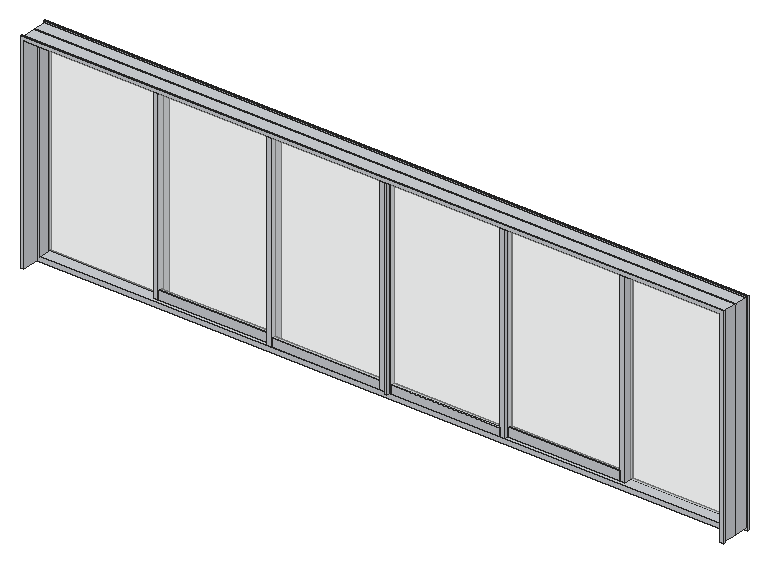
Revit family "APL Residential Thermal Heart Sliding Door FSSSSF", category Doors, host Wall, Revit 2017 (continued)
Definition of nested family "APL Residential Thermal Heart Sliding Door FSSSSF Vertical Section"
  Definition of nested family "Three Panel Sill"
    Definition of nested family "65390_Frame Sill"
      Lines and regions (mm)
        model lines, in view "Ref. Level"
          curve 455: arc (73.23, 2.9, 0) -> (72.915, 2.86, 0) -> (72.621, 2.738, 0) r 1.2
          curve 456: arc (71.093, 1.854, 0) -> (70.996, 1.814, 0) -> (70.893, 1.8, 0) r 0.4
          curve 457: arc (70.6, 1.8, 0) -> (70.317, 1.917, 0) -> (70.2, 2.2, 0) r 0.4
          curve 458: line (70.6, 6, 0) -> (70.893, 6, 0)
          curve 459: line (71.093, 5.946, 0) -> (72.621, 5.061, 0)
          curve 460: line (73.222, 4.9, 0) -> (74.145, 4.9, 0)
          curve 461: line (75.084, 4.242, 0) -> (75.877, 2.063, 0)
          curve 462: line (76.253, 1.8, 0) -> (78.947, 1.8, 0)
          curve 463: line (79.323, 2.063, 0) -> (80.116, 4.242, 0)
          curve 464: line (81.055, 4.9, 0) -> (81.978, 4.9, 0)
          curve 465: line (82.579, 5.061, 0) -> (84.107, 5.946, 0)
          curve 466: line (84.307, 6, 0) -> (84.6, 6, 0)
          curve 467: line (85, 5.6, 0) -> (85, 2.2, 0)
          curve 468: line (84.6, 1.8, 0) -> (84.307, 1.8, 0)
          curve 469: line (84.107, 1.854, 0) -> (82.579, 2.738, 0)
          curve 470: line (81.684, 2.703, 0) -> (80.796, 0.263, 0)
          curve 471: line (80.42, 0, 0) -> (74.78, 0, 0)
          curve 472: line (74.404, 0.263, 0) -> (73.516, 2.703, 0)
          curve 473: line (72.621, 2.738, 0) -> (71.093, 1.854, 0)
          curve 474: line (70.893, 1.8, 0) -> (70.6, 1.8, 0)
          curve 475: line (70.2, 2.2, 0) -> (70.2, 5.6, 0)
          curve 476: arc (112.9, 34.5, 0) -> (112.841, 34.359, 0) -> (112.7, 34.3, 0) r 0.2
          curve 477: arc (111.7, 34.3, 0) -> (111.559, 34.359, 0) -> (111.5, 34.5, 0) r 0.2
          curve 478: arc (111.5, 35.35, 0) -> (111, 35.85, 0) -> (110.5, 35.35, 0) r 0.5
          curve 479: arc (110.5, 32.8, 0) -> (111, 32.3, 0) -> (111.5, 32.8, 0) r 0.5
          curve 480: arc (111.5, 33.1, 0) -> (111.559, 33.241, 0) -> (111.7, 33.3, 0) r 0.2
          curve 481: arc (112.4, 33.3, 0) -> (112.541, 33.241, 0) -> (112.6, 33.1, 0) r 0.2
          curve 482: arc (114.4, 33.1, 0) -> (114.459, 33.241, 0) -> (114.6, 33.3, 0) r 0.2
          curve 483: arc (115.3, 33.3, 0) -> (115.441, 33.241, 0) -> (115.5, 33.1, 0) r 0.2
          curve 484: arc (115.5, 32.8, 0) -> (116, 32.3, 0) -> (116.5, 32.8, 0) r 0.5
          curve 485: arc (116.5, 35.35, 0) -> (116, 35.85, 0) -> (115.5, 35.35, 0) r 0.5
          curve 486: arc (115.5, 34.5, 0) -> (115.441, 34.359, 0) -> (115.3, 34.3, 0) r 0.2
          curve 487: arc (114.3, 34.3, 0) -> (114.159, 34.359, 0) -> (114.1, 34.5, 0) r 0.2
          curve 488: arc (114.1, 41.8, 0) -> (114.159, 41.941, 0) -> (114.3, 42, 0) r 0.2
          curve 489: arc (115.299, 42, 0) -> (115.441, 41.942, 0) -> (115.5, 41.8, 0) r 0.2
          curve 490: arc (115.5, 40.95, 0) -> (116, 40.45, 0) -> (116.5, 40.95, 0) r 0.5
          curve 491: arc (116.5, 42.5, 0) -> (116.354, 42.854, 0) -> (116, 43, 0) r 0.5
          curve 492: arc (111, 43, 0) -> (110.646, 42.854, 0) -> (110.5, 42.5, 0) r 0.5
          curve 493: arc (110.5, 40.95, 0) -> (111, 40.45, 0) -> (111.5, 40.95, 0) r 0.5
          curve 494: arc (111.5, 41.8, 0) -> (111.559, 41.941, 0) -> (111.7, 42, 0) r 0.2
          curve 495: arc (112.7, 42, 0) -> (112.841, 41.941, 0) -> (112.9, 41.8, 0) r 0.2
          curve 496: arc (114.4, 16.5, 0) -> (114.546, 16.146, 0) -> (114.9, 16, 0) r 0.5
          curve 497: arc (117.117, 16, 0) -> (117.422, 15.801, 0) -> (117.695, 16.043, 0) r 0.3
          curve 498: arc (117.695, 16.043, 0) -> (117.761, 16.181, 0) -> (117.887, 16.268, 0) r 0.3
          curve 499: arc (119.297, 16.782, 0) -> (119.583, 16.738, 0) -> (119.699, 16.474, 0) r 0.3
          curve 500: arc (119.492, 14.108, 0) -> (119.465, 14.008, 0) -> (119.405, 13.922, 0) r 0.3
          curve 501: arc (119.041, 13.559, 0) -> (118.848, 13.507, 0) -> (118.707, 13.648, 0) r 0.2
          curve 502: arc (118.662, 13.816, 0) -> (118.61, 13.905, 0) -> (118.521, 13.957, 0) r 0.2
          curve 503: arc (116.3, 14.5, 0) -> (116.02, 14.307, 0) -> (116.1, 13.976, 0) r 0.3
          curve 504: arc (116.1, 13.976, 0) -> (116.174, 13.875, 0) -> (116.2, 13.753, 0) r 0.3
          curve 505: arc (116.006, 9.75, 0) -> (116.042, 9.578, 0) -> (116.2, 9.5, 0) r 0.2
          curve 506: arc (116.721, 9.5, 0) -> (116.802, 9.511, 0) -> (116.877, 9.544, 0) r 0.3
          curve 507: arc (118.131, 10.309, 0) -> (118.128, 10.479, 0) -> (118.234, 10.611, 0) r 0.25
          curve 508: arc (118.32, 10.663, 0) -> (118.572, 10.668, 0) -> (118.7, 10.45, 0) r 0.25
          curve 509: arc (118.7, 8.874, 0) -> (118.618, 8.477, 0) -> (118.385, 8.146, 0) r 1
          curve 510: arc (118.385, 8.146, 0) -> (118.322, 8, 0) -> (118.385, 7.854, 0) r 0.2
          curve 511: arc (118.385, 7.854, 0) -> (118.618, 7.523, 0) -> (118.7, 7.126, 0) r 1
          curve 512: arc (118.7, 5.55, 0) -> (118.572, 5.332, 0) -> (118.32, 5.337, 0) r 0.25
          curve 513: arc (118.234, 5.389, 0) -> (118.128, 5.521, 0) -> (118.131, 5.691, 0) r 0.25
          curve 514: arc (116.877, 6.456, 0) -> (116.802, 6.489, 0) -> (116.721, 6.5, 0) r 0.3
          curve 515: arc (116.2, 6.5, 0) -> (116.042, 6.422, 0) -> (116.006, 6.25, 0) r 0.2
          curve 516: arc (116.2, 2.247, 0) -> (116.174, 2.125, 0) -> (116.1, 2.024, 0) r 0.3
          curve 517: arc (116.1, 2.024, 0) -> (116.02, 1.693, 0) -> (116.3, 1.5, 0) r 0.3
          curve 518: arc (118.521, 2.043, 0) -> (118.61, 2.095, 0) -> (118.662, 2.184, 0) r 0.2
          curve 519: arc (118.707, 2.352, 0) -> (118.848, 2.493, 0) -> (119.041, 2.441, 0) r 0.2
          curve 520: arc (119.405, 2.078, 0) -> (119.465, 1.992, 0) -> (119.492, 1.892, 0) r 0.3
          curve 521: arc (119.699, -0.474, 0) -> (119.583, -0.738, 0) -> (119.297, -0.782, 0) r 0.3
          curve 522: arc (117.887, -0.268, 0) -> (117.761, -0.181, 0) -> (117.695, -0.043, 0) r 0.3
          curve 523: arc (117.695, -0.043, 0) -> (117.422, 0.199, 0) -> (117.117, 0, 0) r 0.3
          curve 524: arc (114.8, 0, 0) -> (114.446, 0.146, 0) -> (114.3, 0.5, 0) r 0.5
          curve 525: arc (114.3, 5, 0) -> (114.241, 5.141, 0) -> (114.1, 5.2, 0) r 0.2
          curve 526: arc (105.3, 5.2, 0) -> (104.946, 5.346, 0) -> (104.8, 5.7, 0) r 0.5
          curve 527: arc (104.8, 6.2, 0) -> (104.946, 6.554, 0) -> (105.3, 6.7, 0) r 0.5
          curve 528: arc (106.727, 6.7, 0) -> (107.066, 6.833, 0) -> (107.226, 7.16, 0) r 0.5
          curve 529: arc (107.226, 7.16, 0) -> (107.712, 7.803, 0) -> (108.5, 7.634, 0) r 0.75
          curve 530: arc (108.5, 7.634, 0) -> (109.8, 7.1, 0) -> (111.1, 7.634, 0) r 1.85
          curve 531: arc (111.1, 7.634, 0) -> (111.242, 7.744, 0) -> (111.407, 7.817, 0) r 0.75
          curve 532: arc (111.407, 7.817, 0) -> (111.591, 7.92, 0) -> (111.716, 8.09, 0) r 0.5
          curve 533: arc (111.716, 8.09, 0) -> (111.9, 8.95, 0) -> (111.716, 9.81, 0) r 2.1
          curve 534: arc (111.716, 9.81, 0) -> (111.591, 9.98, 0) -> (111.407, 10.083, 0) r 0.5
          curve 535: arc (111.407, 10.083, 0) -> (111.242, 10.156, 0) -> (111.1, 10.266, 0) r 0.75
          curve 536: arc (111.1, 10.266, 0) -> (109.8, 10.8, 0) -> (108.5, 10.266, 0) r 1.85
          curve 537: arc (108.5, 10.266, 0) -> (107.831, 10.064, 0) -> (107.286, 10.5, 0) r 0.75
          curve 538: arc (107.286, 10.5, 0) -> (107.101, 10.718, 0) -> (106.827, 10.8, 0) r 0.5
          curve 539: arc (102.3, 10.8, 0) -> (101.25, 11.081, 0) -> (100.481, 11.85, 0) r 2.1
          curve 540: arc (100.481, 11.85, 0) -> (100.298, 12.033, 0) -> (100.048, 12.1, 0) r 0.5
          curve 541: arc (91.556, 12.1, 0) -> (91.287, 12.022, 0) -> (91.103, 11.812, 0) r 0.5
          curve 542: arc (91.103, 11.812, 0) -> (90.328, 10.929, 0) -> (89.2, 10.6, 0) r 2.1
          curve 543: arc (87.9, 10.6, 0) -> (87.193, 10.307, 0) -> (86.9, 9.6, 0) r 1
          curve 544: arc (86.9, 0.5, 0) -> (86.754, 0.146, 0) -> (86.4, 0, 0) r 0.5
          curve 545: arc (84.083, 0, 0) -> (83.778, 0.199, 0) -> (83.505, -0.043, 0) r 0.3
          curve 546: arc (83.505, -0.043, 0) -> (83.439, -0.181, 0) -> (83.313, -0.268, 0) r 0.3
          curve 547: arc (81.903, -0.782, 0) -> (81.617, -0.738, 0) -> (81.501, -0.474, 0) r 0.3
          curve 548: arc (81.708, 1.892, 0) -> (81.735, 1.992, 0) -> (81.795, 2.078, 0) r 0.3
          curve 549: arc (82.159, 2.441, 0) -> (82.352, 2.493, 0) -> (82.493, 2.352, 0) r 0.2
          curve 550: arc (82.538, 2.184, 0) -> (82.59, 2.095, 0) -> (82.679, 2.043, 0) r 0.2
          curve 551: arc (84.9, 1.5, 0) -> (85.18, 1.693, 0) -> (85.1, 2.024, 0) r 0.3
          curve 552: arc (85.1, 2.024, 0) -> (85.026, 2.125, 0) -> (85, 2.247, 0) r 0.3
          curve 553: arc (85.194, 6.25, 0) -> (85.158, 6.422, 0) -> (85, 6.5, 0) r 0.2
          curve 554: arc (84.479, 6.5, 0) -> (84.398, 6.489, 0) -> (84.323, 6.456, 0) r 0.3
          curve 555: arc (83.069, 5.691, 0) -> (83.072, 5.521, 0) -> (82.966, 5.389, 0) r 0.25
          curve 556: arc (82.88, 5.337, 0) -> (82.628, 5.332, 0) -> (82.5, 5.55, 0) r 0.25
          curve 557: arc (82.5, 7.126, 0) -> (82.582, 7.523, 0) -> (82.815, 7.854, 0) r 1
          curve 558: arc (82.815, 7.854, 0) -> (82.878, 8, 0) -> (82.815, 8.146, 0) r 0.2
          curve 559: arc (82.815, 8.146, 0) -> (82.582, 8.477, 0) -> (82.5, 8.874, 0) r 1
          curve 560: arc (82.5, 10.45, 0) -> (82.628, 10.668, 0) -> (82.88, 10.663, 0) r 0.25
          curve 561: arc (82.966, 10.611, 0) -> (83.072, 10.479, 0) -> (83.069, 10.309, 0) r 0.25
          curve 562: arc (84.323, 9.544, 0) -> (84.398, 9.511, 0) -> (84.479, 9.5, 0) r 0.3
          curve 563: arc (85, 9.5, 0) -> (85.158, 9.578, 0) -> (85.194, 9.75, 0) r 0.2
          curve 564: arc (85, 13.753, 0) -> (85.026, 13.875, 0) -> (85.1, 13.976, 0) r 0.3
          curve 565: arc (85.1, 13.976, 0) -> (85.18, 14.307, 0) -> (84.9, 14.5, 0) r 0.3
          curve 566: arc (82.679, 13.957, 0) -> (82.59, 13.905, 0) -> (82.538, 13.816, 0) r 0.2
          curve 567: arc (82.493, 13.648, 0) -> (82.352, 13.507, 0) -> (82.159, 13.559, 0) r 0.2
          curve 568: arc (81.795, 13.922, 0) -> (81.735, 14.008, 0) -> (81.708, 14.108, 0) r 0.3
          curve 569: arc (81.501, 16.474, 0) -> (81.617, 16.738, 0) -> (81.903, 16.782, 0) r 0.3
          curve 570: arc (83.313, 16.268, 0) -> (83.439, 16.181, 0) -> (83.505, 16.043, 0) r 0.3
          curve 571: arc (83.505, 16.043, 0) -> (83.778, 15.801, 0) -> (84.083, 16, 0) r 0.3
          curve 572: arc (86.7, 16, 0) -> (86.841, 15.941, 0) -> (86.9, 15.8, 0) r 0.2
          curve 573: arc (86.9, 12.7, 0) -> (86.959, 12.559, 0) -> (87.1, 12.5, 0) r 0.2
          curve 574: arc (89.2, 12.5, 0) -> (89.341, 12.559, 0) -> (89.4, 12.7, 0) r 0.2
          curve 575: arc (89.4, 13.8, 0) -> (89.459, 13.941, 0) -> (89.6, 14, 0) r 0.2
          curve 576: arc (101.9, 14, 0) -> (102.042, 13.941, 0) -> (102.1, 13.8, 0) r 0.2
          curve 577: arc (102.1, 12.9, 0) -> (102.159, 12.759, 0) -> (102.3, 12.7, 0) r 0.2
          curve 578: arc (109.1, 12.7, 0) -> (109.454, 12.846, 0) -> (109.6, 13.2, 0) r 0.5
          curve 579: arc (109.6, 14.5, 0) -> (109.541, 14.641, 0) -> (109.4, 14.7, 0) r 0.2
          curve 580: arc (107.3, 14.7, 0) -> (107.159, 14.759, 0) -> (107.1, 14.9, 0) r 0.2
          curve 581: arc (107.1, 15.8, 0) -> (107.159, 15.941, 0) -> (107.3, 16, 0) r 0.2
          curve 582: arc (112.1, 16, 0) -> (112.454, 16.146, 0) -> (112.6, 16.5, 0) r 0.5
          curve 583: line (112.7, 34.3, 0) -> (111.7, 34.3, 0)
          curve 584: line (111.5, 34.5, 0) -> (111.5, 35.35, 0)
          curve 585: line (110.5, 35.35, 0) -> (110.5, 32.8, 0)
          curve 586: line (111.5, 32.8, 0) -> (111.5, 33.1, 0)
          curve 587: line (111.7, 33.3, 0) -> (112.4, 33.3, 0)
          curve 588: line (112.6, 33.1, 0) -> (112.6, 22.5, 0)
          curve 589: line (112.6, 22.5, 0) -> (114.4, 22.5, 0)
          curve 590: line (114.4, 22.5, 0) -> (114.4, 33.1, 0)
          curve 591: line (114.6, 33.3, 0) -> (115.3, 33.3, 0)
          curve 592: line (115.5, 33.1, 0) -> (115.5, 32.8, 0)
          curve 593: line (116.5, 32.8, 0) -> (116.5, 35.35, 0)
          curve 594: line (115.5, 35.35, 0) -> (115.5, 34.5, 0)
          curve 595: line (115.3, 34.3, 0) -> (114.3, 34.3, 0)
          curve 596: line (114.1, 34.5, 0) -> (114.1, 41.8, 0)
          curve 597: line (114.3, 42, 0) -> (115.299, 42, 0)
          curve 598: line (115.5, 41.8, 0) -> (115.5, 40.95, 0)
          curve 599: line (116.5, 40.95, 0) -> (116.5, 42.5, 0)
          curve 600: line (116, 43, 0) -> (111, 43, 0)
          curve 601: line (110.5, 42.5, 0) -> (110.5, 40.95, 0)
          curve 602: line (111.5, 40.95, 0) -> (111.5, 41.8, 0)
          curve 603: line (111.7, 42, 0) -> (112.7, 42, 0)
          curve 604: line (112.9, 41.8, 0) -> (112.9, 34.5, 0)
          curve 605: line (112.6, 22.5, 0) -> (112.6, 16.5, 0)
          curve 606: line (112.6, 16.5, 0) -> (114.4, 16.5, 0)
          curve 607: line (114.4, 16.5, 0) -> (114.4, 22.5, 0)
          curve 608: line (114.9, 16, 0) -> (117.117, 16, 0)
          curve 609: line (117.887, 16.268, 0) -> (119.297, 16.782, 0)
          curve 610: line (119.699, 16.474, 0) -> (119.492, 14.108, 0)
          curve 611: line (119.405, 13.922, 0) -> (119.041, 13.559, 0)
          curve 612: line (118.707, 13.648, 0) -> (118.662, 13.816, 0)
          curve 613: line (118.662, 13.816, 0) -> (116.532, 14.49, 0)
          curve 614: line (116.532, 14.49, 0) -> (116.3, 14.5, 0)
          curve 615: line (116.2, 13.753, 0) -> (116.2, 10.525, 0)
          curve 616: line (116.2, 10.525, 0) -> (116.006, 9.75, 0)
          curve 617: line (116.2, 9.5, 0) -> (116.721, 9.5, 0)
          curve 618: line (116.721, 9.5, 0) -> (118.131, 10.309, 0)
          curve 619: line (118.7, 10.45, 0) -> (118.7, 8.874, 0)
          curve 620: line (118.7, 7.126, 0) -> (118.7, 5.55, 0)
          curve 621: line (118.131, 5.691, 0) -> (116.877, 6.456, 0)
          curve 622: line (116.877, 6.456, 0) -> (116.2, 6.5, 0)
          curve 623: line (116.006, 6.25, 0) -> (116.2, 5.5, 0)
          curve 624: line (116.194, 5.525, 0) -> (116.2, 2.247, 0)
          curve 625: line (116.454, 1.5, 0) -> (118.521, 2.043, 0)
          curve 626: line (118.521, 2.043, 0) -> (118.707, 2.352, 0)
          curve 627: line (119.041, 2.441, 0) -> (119.405, 2.078, 0)
          curve 628: line (119.492, 1.892, 0) -> (119.699, -0.474, 0)
          curve 629: line (119.297, -0.782, 0) -> (117.887, -0.268, 0)
          curve 630: line (117.117, 0, 0) -> (114.8, 0, 0)
          curve 631: line (114.3, 0.5, 0) -> (114.3, 5, 0)
          curve 632: line (114.1, 5.2, 0) -> (105.3, 5.2, 0)
          curve 633: line (104.8, 5.7, 0) -> (104.8, 6.2, 0)
          curve 634: line (105.3, 6.7, 0) -> (106.727, 6.7, 0)
          curve 635: line (106.827, 10.8, 0) -> (102.3, 10.8, 0)
          curve 636: line (100.048, 12.1, 0) -> (91.556, 12.1, 0)
          curve 637: line (89.2, 10.6, 0) -> (87.9, 10.6, 0)
          curve 638: line (86.9, 9.6, 0) -> (86.9, 0.5, 0)
          curve 639: line (86.4, 0, 0) -> (84.083, 0, 0)
          curve 640: line (83.313, -0.268, 0) -> (81.903, -0.782, 0)
          curve 641: line (81.501, -0.474, 0) -> (81.708, 1.892, 0)
          curve 642: line (81.795, 2.078, 0) -> (82.159, 2.441, 0)
          curve 643: line (82.493, 2.352, 0) -> (82.538, 2.184, 0)
          curve 644: line (82.538, 2.184, 0) -> (84.668, 1.51, 0)
          curve 645: line (84.668, 1.51, 0) -> (84.9, 1.5, 0)
          curve 646: line (85, 2.247, 0) -> (85, 5.475, 0)
          curve 647: line (85, 5.475, 0) -> (85.194, 6.25, 0)
          curve 648: line (85, 6.5, 0) -> (84.479, 6.5, 0)
          curve 649: line (84.479, 6.5, 0) -> (83.069, 5.691, 0)
          curve 650: line (82.5, 5.55, 0) -> (82.5, 7.126, 0)
          curve 651: line (82.5, 8.874, 0) -> (82.5, 10.45, 0)
          curve 652: line (83.069, 10.309, 0) -> (84.323, 9.544, 0)
          curve 653: line (84.323, 9.544, 0) -> (85, 9.5, 0)
          curve 654: line (85.194, 9.75, 0) -> (85.006, 10.475, 0)
          curve 655: line (85.006, 10.475, 0) -> (85, 13.753, 0)
          curve 656: line (84.746, 14.5, 0) -> (82.679, 13.957, 0)
          curve 657: line (82.679, 13.957, 0) -> (82.493, 13.648, 0)
          curve 658: line (82.159, 13.559, 0) -> (81.795, 13.922, 0)
          curve 659: line (81.708, 14.108, 0) -> (81.501, 16.474, 0)
          curve 660: line (81.903, 16.782, 0) -> (83.313, 16.268, 0)
          curve 661: line (84.083, 16, 0) -> (86.7, 16, 0)
          curve 662: line (86.9, 15.8, 0) -> (86.9, 12.7, 0)
          curve 663: line (87.1, 12.5, 0) -> (89.2, 12.5, 0)
          curve 664: line (89.4, 12.7, 0) -> (89.4, 13.8, 0)
          curve 665: line (89.6, 14, 0) -> (95.4, 14, 0)
          curve 666: line (95.4, 14, 0) -> (95.8, 13.6, 0)
          curve 667: line (95.8, 13.6, 0) -> (96.2, 14, 0)
          curve 668: line (96.2, 14, 0) -> (101.9, 14, 0)
          curve 669: line (102.1, 13.8, 0) -> (102.1, 12.9, 0)
          curve 670: line (102.3, 12.7, 0) -> (109.1, 12.7, 0)
          curve 671: line (109.6, 13.2, 0) -> (109.6, 14.5, 0)
          curve 672: line (109.4, 14.7, 0) -> (107.3, 14.7, 0)
          curve 673: line (107.1, 14.9, 0) -> (107.1, 15.8, 0)
          curve 674: line (107.3, 16, 0) -> (112.1, 16, 0)
          curve 675: arc (159.4, 35.877, 0) -> (159.327, 35.95, 0) -> (159.3, 36.05, 0) r 0.2
          curve 676: arc (159.3, 40.25, 0) -> (159.327, 40.35, 0) -> (159.4, 40.423, 0) r 0.2
          curve 677: arc (159.4, 40.423, 0) -> (159.473, 40.496, 0) -> (159.5, 40.596, 0) r 0.2
          curve 678: arc (159.5, 41.8, 0) -> (159.441, 41.941, 0) -> (159.3, 42, 0) r 0.2
          curve 679: arc (157.701, 42, 0) -> (157.559, 41.942, 0) -> (157.5, 41.8, 0) r 0.2
          curve 680: arc (157.5, 40.95, 0) -> (157, 40.451, 0) -> (156.5, 40.95, 0) r 0.5
          curve 681: arc (156.5, 42.5, 0) -> (156.646, 42.854, 0) -> (157, 43, 0) r 0.499
          curve 682: arc (160.5, 43, 0) -> (160.847, 42.847, 0) -> (161, 42.5, 0) r 0.523
          curve 683: arc (161, 21.5, 0) -> (160.856, 21.144, 0) -> (160.5, 21, 0) r 0.493
          curve 684: arc (157.7, 21, 0) -> (157.558, 20.942, 0) -> (157.5, 20.8, 0) r 0.199
          curve 685: arc (157.5, 13.199, 0) -> (156.852, 11.559, 0) -> (155.258, 10.805, 0) r 2.399
          curve 686: arc (155.258, 10.805, 0) -> (154.878, 10.588, 0) -> (154.814, 10.156, 0) r 0.5
          curve 687: arc (154.814, 10.156, 0) -> (155, 8.953, 0) -> (154.816, 7.75, 0) r 4
          curve 688: arc (154.816, 7.75, 0) -> (154.89, 7.304, 0) -> (155.293, 7.1, 0) r 0.5
          curve 689: arc (155.5, 7.1, 0) -> (156.914, 6.514, 0) -> (157.5, 5.1, 0) r 2.001
          curve 690: arc (166.75, 1.5, 0) -> (167.501, 0.747, 0) -> (166.745, 0, 0) r 0.75
          curve 691: arc (157.5, 0, 0) -> (156.439, 0.439, 0) -> (156, 1.5, 0) r 1.5
          curve 692: arc (156, 5, 0) -> (155.941, 5.141, 0) -> (155.8, 5.2, 0) r 0.2
          curve 693: arc (146.5, 5.2, 0) -> (146.146, 5.346, 0) -> (146, 5.7, 0) r 0.5
          curve 694: arc (146, 6.2, 0) -> (146.146, 6.554, 0) -> (146.5, 6.7, 0) r 0.5
          curve 695: arc (147.927, 6.7, 0) -> (148.266, 6.833, 0) -> (148.426, 7.16, 0) r 0.5
          curve 696: arc (148.426, 7.16, 0) -> (148.912, 7.803, 0) -> (149.7, 7.634, 0) r 0.75
          curve 697: arc (149.7, 7.634, 0) -> (151, 7.1, 0) -> (152.3, 7.634, 0) r 1.85
          curve 698: arc (152.3, 7.634, 0) -> (152.442, 7.744, 0) -> (152.607, 7.817, 0) r 0.75
          curve 699: arc (152.607, 7.817, 0) -> (152.791, 7.92, 0) -> (152.916, 8.09, 0) r 0.5
          curve 700: arc (152.916, 8.09, 0) -> (153.1, 8.95, 0) -> (152.916, 9.81, 0) r 2.1
          curve 701: arc (152.916, 9.81, 0) -> (152.791, 9.98, 0) -> (152.607, 10.083, 0) r 0.5
          curve 702: arc (152.607, 10.083, 0) -> (152.442, 10.156, 0) -> (152.3, 10.266, 0) r 0.75
          curve 703: arc (152.3, 10.266, 0) -> (151, 10.8, 0) -> (149.7, 10.266, 0) r 1.85
          curve 704: arc (149.7, 10.266, 0) -> (149.027, 10.064, 0) -> (148.482, 10.509, 0) r 0.75
          curve 705: arc (148.482, 10.509, 0) -> (148.32, 10.716, 0) -> (148.075, 10.812, 0) r 0.5
          curve 706: arc (148.075, 10.812, 0) -> (147.154, 11.14, 0) -> (146.481, 11.85, 0) r 2.1
          curve 707: arc (146.481, 11.85, 0) -> (146.298, 12.033, 0) -> (146.048, 12.1, 0) r 0.5
          curve 708: arc (137.556, 12.1, 0) -> (137.287, 12.022, 0) -> (137.103, 11.812, 0) r 0.5
          curve 709: arc (137.103, 11.812, 0) -> (136.328, 10.929, 0) -> (135.2, 10.6, 0) r 2.1
          curve 710: arc (133.9, 10.6, 0) -> (133.193, 10.307, 0) -> (132.9, 9.6, 0) r 1
          curve 711: arc (132.9, 0.5, 0) -> (132.754, 0.146, 0) -> (132.4, 0, 0) r 0.5
          curve 712: arc (130.083, 0, 0) -> (129.778, 0.199, 0) -> (129.505, -0.043, 0) r 0.3
          curve 713: arc (129.505, -0.043, 0) -> (129.439, -0.181, 0) -> (129.313, -0.268, 0) r 0.3
          curve 714: arc (127.903, -0.782, 0) -> (127.617, -0.738, 0) -> (127.501, -0.474, 0) r 0.3
          curve 715: arc (127.708, 1.892, 0) -> (127.735, 1.992, 0) -> (127.795, 2.078, 0) r 0.3
          curve 716: arc (128.159, 2.441, 0) -> (128.352, 2.493, 0) -> (128.493, 2.352, 0) r 0.2
          curve 717: arc (128.538, 2.184, 0) -> (128.59, 2.095, 0) -> (128.679, 2.043, 0) r 0.2
          curve 718: arc (130.9, 1.5, 0) -> (131.18, 1.693, 0) -> (131.1, 2.024, 0) r 0.3
          curve 719: arc (131.1, 2.024, 0) -> (131.026, 2.125, 0) -> (131, 2.247, 0) r 0.3
          curve 720: arc (131.194, 6.25, 0) -> (131.158, 6.422, 0) -> (131, 6.5, 0) r 0.2
          curve 721: arc (130.479, 6.5, 0) -> (130.398, 6.489, 0) -> (130.323, 6.456, 0) r 0.3
          curve 722: arc (129.069, 5.691, 0) -> (129.072, 5.521, 0) -> (128.966, 5.389, 0) r 0.25
          curve 723: arc (128.88, 5.337, 0) -> (128.628, 5.332, 0) -> (128.5, 5.55, 0) r 0.25
          curve 724: arc (128.5, 7.126, 0) -> (128.582, 7.523, 0) -> (128.815, 7.854, 0) r 1
          curve 725: arc (128.815, 7.854, 0) -> (128.878, 8, 0) -> (128.815, 8.146, 0) r 0.2
          curve 726: arc (128.815, 8.146, 0) -> (128.582, 8.477, 0) -> (128.5, 8.874, 0) r 1
          curve 727: arc (128.5, 10.45, 0) -> (128.628, 10.668, 0) -> (128.88, 10.663, 0) r 0.25
          curve 728: arc (128.966, 10.611, 0) -> (129.072, 10.479, 0) -> (129.069, 10.309, 0) r 0.25
          curve 729: arc (130.323, 9.544, 0) -> (130.398, 9.511, 0) -> (130.479, 9.5, 0) r 0.3
          curve 730: arc (131, 9.5, 0) -> (131.158, 9.578, 0) -> (131.194, 9.75, 0) r 0.2
          curve 731: arc (131, 13.753, 0) -> (131.026, 13.875, 0) -> (131.1, 13.976, 0) r 0.3
          curve 732: arc (131.1, 13.976, 0) -> (131.18, 14.307, 0) -> (130.9, 14.5, 0) r 0.3
          curve 733: arc (128.679, 13.957, 0) -> (128.59, 13.905, 0) -> (128.538, 13.816, 0) r 0.2
          curve 734: arc (128.493, 13.648, 0) -> (128.352, 13.507, 0) -> (128.159, 13.559, 0) r 0.2
          curve 735: arc (127.795, 13.922, 0) -> (127.735, 14.008, 0) -> (127.708, 14.108, 0) r 0.3
          curve 736: arc (127.501, 16.474, 0) -> (127.617, 16.738, 0) -> (127.903, 16.782, 0) r 0.3
          curve 737: arc (129.313, 16.268, 0) -> (129.439, 16.181, 0) -> (129.505, 16.043, 0) r 0.3
          curve 738: arc (129.505, 16.043, 0) -> (129.778, 15.801, 0) -> (130.083, 16, 0) r 0.3
          curve 739: arc (132.7, 16, 0) -> (132.841, 15.941, 0) -> (132.9, 15.8, 0) r 0.2
          curve 740: arc (132.9, 12.7, 0) -> (132.959, 12.559, 0) -> (133.1, 12.5, 0) r 0.2
          curve 741: arc (135.2, 12.5, 0) -> (135.341, 12.559, 0) -> (135.4, 12.7, 0) r 0.2
          curve 742: arc (135.4, 13.8, 0) -> (135.459, 13.941, 0) -> (135.6, 14, 0) r 0.2
          curve 743: arc (147.9, 14, 0) -> (148.042, 13.941, 0) -> (148.1, 13.8, 0) r 0.2
          curve 744: arc (148.1, 12.9, 0) -> (148.159, 12.759, 0) -> (148.3, 12.7, 0) r 0.2
          curve 745: arc (155.1, 12.7, 0) -> (155.454, 12.846, 0) -> (155.6, 13.2, 0) r 0.5
          curve 746: arc (155.6, 14.5, 0) -> (155.541, 14.641, 0) -> (155.4, 14.7, 0) r 0.2
          curve 747: arc (153.3, 14.7, 0) -> (153.159, 14.759, 0) -> (153.1, 14.9, 0) r 0.2
          curve 748: arc (153.1, 15.8, 0) -> (153.159, 15.941, 0) -> (153.3, 16, 0) r 0.2
          curve 749: arc (155.5, 16, 0) -> (155.854, 16.146, 0) -> (156, 16.5, 0) r 0.5
          curve 750: arc (156, 22.8, 0) -> (156.146, 23.154, 0) -> (156.5, 23.3, 0) r 0.5
          curve 751: arc (157.3, 23.3, 0) -> (157.441, 23.241, 0) -> (157.5, 23.1, 0) r 0.2
          curve 752: arc (159.3, 22.3, 0) -> (159.441, 22.359, 0) -> (159.5, 22.5, 0) r 0.2
          curve 753: arc (159.5, 27.4, 0) -> (159.1, 27.8, 0) -> (159.5, 28.2, 0) r 0.4
          curve 754: arc (159.5, 33.1, 0) -> (159.441, 33.241, 0) -> (159.3, 33.3, 0) r 0.2
          curve 755: arc (157.5, 32.7, 0) -> (157.383, 32.417, 0) -> (157.1, 32.3, 0) r 0.4
          curve 756: arc (157, 32.3, 0) -> (156.646, 32.447, 0) -> (156.5, 32.8, 0) r 0.5
          curve 757: arc (156.5, 35.35, 0) -> (157, 35.85, 0) -> (157.5, 35.35, 0) r 0.5
          curve 758: arc (157.5, 34.5, 0) -> (157.559, 34.359, 0) -> (157.7, 34.3, 0) r 0.2
          curve 759: arc (159.3, 34.3, 0) -> (159.441, 34.359, 0) -> (159.5, 34.5, 0) r 0.2
          curve 760: line (159.3, 36.05, 0) -> (159.3, 40.25, 0)
          curve 761: line (159.5, 40.596, 0) -> (159.5, 41.8, 0)
          curve 762: line (159.3, 42, 0) -> (157.701, 42, 0)
          curve 763: line (157.5, 41.8, 0) -> (157.5, 40.95, 0)
          curve 764: line (156.5, 40.95, 0) -> (156.5, 42.5, 0)
          curve 765: line (157, 43, 0) -> (160.5, 43, 0)
          curve 766: line (161, 42.5, 0) -> (161, 21.5, 0)
          curve 767: line (160.5, 21, 0) -> (157.7, 21, 0)
          curve 768: line (157.5, 20.8, 0) -> (157.5, 13.199, 0)
          curve 769: line (155.293, 7.1, 0) -> (155.5, 7.1, 0)
          curve 770: line (157.5, 5.1, 0) -> (157.5, 1.5, 0)
          curve 771: line (157.5, 1.5, 0) -> (166.75, 1.5, 0)
          curve 772: line (166.745, 0, 0) -> (165, 0, 0)
          curve 773: line (165, 0, 0) -> (164.6, 0.4, 0)
          curve 774: line (164.6, 0.4, 0) -> (158.3, 0.4, 0)
          curve 775: line (158.3, 0.4, 0) -> (157.9, 0, 0)
          curve 776: line (157.9, 0, 0) -> (157.5, 0, 0)
          curve 777: line (156, 1.5, 0) -> (156, 5, 0)
          curve 778: line (155.8, 5.2, 0) -> (146.5, 5.2, 0)
          curve 779: line (146, 5.7, 0) -> (146, 6.2, 0)
          curve 780: line (146.5, 6.7, 0) -> (147.927, 6.7, 0)
          curve 781: line (146.048, 12.1, 0) -> (137.556, 12.1, 0)
          curve 782: line (135.2, 10.6, 0) -> (133.9, 10.6, 0)
          curve 783: line (132.9, 9.6, 0) -> (132.9, 0.5, 0)
          curve 784: line (132.4, 0, 0) -> (130.083, 0, 0)
          curve 785: line (129.313, -0.268, 0) -> (127.903, -0.782, 0)
          curve 786: line (127.501, -0.474, 0) -> (127.708, 1.892, 0)
          curve 787: line (127.795, 2.078, 0) -> (128.159, 2.441, 0)
          curve 788: line (128.493, 2.352, 0) -> (128.538, 2.184, 0)
          curve 789: line (128.538, 2.184, 0) -> (130.668, 1.51, 0)
          curve 790: line (130.668, 1.51, 0) -> (130.9, 1.5, 0)
          curve 791: line (131, 2.247, 0) -> (131, 5.475, 0)
          curve 792: line (131, 5.475, 0) -> (131.194, 6.25, 0)
          curve 793: line (131, 6.5, 0) -> (130.479, 6.5, 0)
          curve 794: line (130.479, 6.5, 0) -> (129.069, 5.691, 0)
          curve 795: line (128.5, 5.55, 0) -> (128.5, 7.126, 0)
          curve 796: line (128.5, 8.874, 0) -> (128.5, 10.45, 0)
          curve 797: line (129.069, 10.309, 0) -> (130.323, 9.544, 0)
          curve 798: line (130.323, 9.544, 0) -> (131, 9.5, 0)
          curve 799: line (131.194, 9.75, 0) -> (131.006, 10.475, 0)
          curve 800: line (131.006, 10.475, 0) -> (131, 13.753, 0)
          curve 801: line (130.746, 14.5, 0) -> (128.679, 13.957, 0)
          curve 802: line (128.679, 13.957, 0) -> (128.493, 13.648, 0)
          curve 803: line (128.159, 13.559, 0) -> (127.795, 13.922, 0)
          curve 804: line (127.708, 14.108, 0) -> (127.501, 16.474, 0)
          curve 805: line (127.903, 16.782, 0) -> (129.313, 16.268, 0)
          curve 806: line (130.083, 16, 0) -> (132.7, 16, 0)
          curve 807: line (132.9, 15.8, 0) -> (132.9, 12.7, 0)
          curve 808: line (133.1, 12.5, 0) -> (135.2, 12.5, 0)
          curve 809: line (135.4, 12.7, 0) -> (135.4, 13.8, 0)
          curve 810: line (135.6, 14, 0) -> (141.4, 14, 0)
          curve 811: line (141.4, 14, 0) -> (141.8, 13.6, 0)
          curve 812: line (141.8, 13.6, 0) -> (142.2, 14, 0)
          curve 813: line (142.2, 14, 0) -> (147.9, 14, 0)
          curve 814: line (148.1, 13.8, 0) -> (148.1, 12.9, 0)
          curve 815: line (148.3, 12.7, 0) -> (155.1, 12.7, 0)
          curve 816: line (155.6, 13.2, 0) -> (155.6, 14.5, 0)
          curve 817: line (155.4, 14.7, 0) -> (153.3, 14.7, 0)
          curve 818: line (153.1, 14.9, 0) -> (153.1, 15.8, 0)
          curve 819: line (153.3, 16, 0) -> (155.5, 16, 0)
          curve 820: line (156, 16.5, 0) -> (156, 22.8, 0)
          curve 821: line (156.5, 23.3, 0) -> (157.3, 23.3, 0)
          curve 822: line (157.5, 23.1, 0) -> (157.5, 22.3, 0)
          curve 823: line (157.5, 22.3, 0) -> (159.3, 22.3, 0)
          curve 824: line (159.5, 22.5, 0) -> (159.5, 27.4, 0)
          curve 825: line (159.5, 28.2, 0) -> (159.5, 33.1, 0)
          curve 826: line (159.3, 33.3, 0) -> (157.5, 33.3, 0)
          curve 827: line (157.5, 33.3, 0) -> (157.5, 32.7, 0)
          curve 828: line (156.5, 32.8, 0) -> (156.5, 35.35, 0)
          curve 829: line (157.5, 35.35, 0) -> (157.5, 34.5, 0)
          curve 830: line (157.7, 34.3, 0) -> (159.3, 34.3, 0)
          curve 831: line (159.5, 34.5, 0) -> (159.5, 35.704, 0)
          curve 832: arc (159.5, 35.704, 0) -> (159.473, 35.804, 0) -> (159.4, 35.877, 0) r 0.2
          curve 833: arc (116.2, 10.4, 0) -> (116.317, 10.117, 0) -> (116.6, 10, 0) r 0.4
          curve 834: arc (116.893, 10, 0) -> (116.996, 10.014, 0) -> (117.093, 10.054, 0) r 0.4
          curve 835: arc (118.621, 10.939, 0) -> (118.911, 11.059, 0) -> (119.222, 11.1, 0) r 1.2
          curve 836: arc (120.145, 11.1, 0) -> (120.718, 11.281, 0) -> (121.084, 11.758, 0) r 1
          curve 837: arc (121.877, 13.937, 0) -> (122.024, 14.128, 0) -> (122.253, 14.2, 0) r 0.4
          curve 838: arc (124.947, 14.2, 0) -> (125.176, 14.128, 0) -> (125.323, 13.937, 0) r 0.4
          curve 839: arc (126.116, 11.758, 0) -> (126.482, 11.281, 0) -> (127.055, 11.1, 0) r 1
          curve 840: arc (127.978, 11.1, 0) -> (128.289, 11.059, 0) -> (128.579, 10.939, 0) r 1.2
          curve 841: arc (130.107, 10.054, 0) -> (130.204, 10.014, 0) -> (130.307, 10, 0) r 0.4
          curve 842: arc (130.6, 10, 0) -> (130.883, 10.117, 0) -> (131, 10.4, 0) r 0.4
          curve 843: arc (131, 13.8, 0) -> (130.883, 14.083, 0) -> (130.6, 14.2, 0) r 0.4
          curve 844: arc (130.307, 14.2, 0) -> (130.204, 14.186, 0) -> (130.107, 14.146, 0) r 0.4
          curve 845: arc (128.579, 13.261, 0) -> (128.285, 13.14, 0) -> (127.97, 13.1, 0) r 1.2
          curve 846: arc (127.97, 13.1, 0) -> (127.795, 13.153, 0) -> (127.684, 13.297, 0) r 0.3
          curve 847: arc (126.796, 15.737, 0) -> (126.649, 15.928, 0) -> (126.42, 16, 0) r 0.4
          curve 848: arc (120.78, 16, 0) -> (120.551, 15.928, 0) -> (120.404, 15.737, 0) r 0.4
          curve 849: arc (119.516, 13.297, 0) -> (119.405, 13.153, 0) -> (119.23, 13.1, 0) r 0.3
          curve 850: arc (119.23, 13.1, 0) -> (118.915, 13.14, 0) -> (118.621, 13.261, 0) r 1.2
          curve 851: arc (117.093, 14.146, 0) -> (116.996, 14.186, 0) -> (116.893, 14.2, 0) r 0.4
          curve 852: arc (116.6, 14.2, 0) -> (116.317, 14.083, 0) -> (116.2, 13.8, 0) r 0.4
          curve 853: line (116.6, 10, 0) -> (116.893, 10, 0)
          curve 854: line (117.093, 10.054, 0) -> (118.621, 10.939, 0)
          curve 855: line (119.222, 11.1, 0) -> (120.145, 11.1, 0)
          curve 856: line (121.084, 11.758, 0) -> (121.877, 13.937, 0)
          curve 857: line (122.253, 14.2, 0) -> (124.947, 14.2, 0)
          curve 858: line (125.323, 13.937, 0) -> (126.116, 11.758, 0)
          curve 859: line (127.055, 11.1, 0) -> (127.978, 11.1, 0)
          curve 860: line (128.579, 10.939, 0) -> (130.107, 10.054, 0)
          curve 861: line (130.307, 10, 0) -> (130.6, 10, 0)
          curve 862: line (131, 10.4, 0) -> (131, 13.8, 0)
          curve 863: line (130.6, 14.2, 0) -> (130.307, 14.2, 0)
          curve 864: line (130.107, 14.146, 0) -> (128.579, 13.261, 0)
          curve 865: line (127.684, 13.297, 0) -> (126.796, 15.737, 0)
          curve 866: line (126.42, 16, 0) -> (120.78, 16, 0)
          curve 867: line (120.404, 15.737, 0) -> (119.516, 13.297, 0)
          curve 868: line (118.621, 13.261, 0) -> (117.093, 14.146, 0)
          curve 869: line (116.893, 14.2, 0) -> (116.6, 14.2, 0)
          curve 870: line (116.2, 13.8, 0) -> (116.2, 10.4, 0)
          curve 871: arc (116.2, 5.6, 0) -> (116.317, 5.883, 0) -> (116.6, 6, 0) r 0.4
          curve 872: arc (116.893, 6, 0) -> (116.996, 5.986, 0) -> (117.093, 5.946, 0) r 0.4
          curve 873: arc (118.621, 5.061, 0) -> (118.911, 4.941, 0) -> (119.222, 4.9, 0) r 1.2
          curve 874: arc (120.145, 4.9, 0) -> (120.718, 4.719, 0) -> (121.084, 4.242, 0) r 1
          curve 875: arc (121.877, 2.063, 0) -> (122.024, 1.872, 0) -> (122.253, 1.8, 0) r 0.4
          curve 876: arc (124.947, 1.8, 0) -> (125.176, 1.872, 0) -> (125.323, 2.063, 0) r 0.4
          curve 877: arc (126.116, 4.242, 0) -> (126.482, 4.719, 0) -> (127.055, 4.9, 0) r 1
          curve 878: arc (127.978, 4.9, 0) -> (128.289, 4.941, 0) -> (128.579, 5.061, 0) r 1.2
          curve 879: arc (130.107, 5.946, 0) -> (130.204, 5.986, 0) -> (130.307, 6, 0) r 0.4
          curve 880: arc (130.6, 6, 0) -> (130.883, 5.883, 0) -> (131, 5.6, 0) r 0.4
          curve 881: arc (131, 2.2, 0) -> (130.883, 1.917, 0) -> (130.6, 1.8, 0) r 0.4
          curve 882: arc (130.307, 1.8, 0) -> (130.204, 1.814, 0) -> (130.107, 1.854, 0) r 0.4
          curve 883: arc (128.579, 2.738, 0) -> (128.285, 2.86, 0) -> (127.97, 2.9, 0) r 1.2
          curve 884: arc (127.97, 2.9, 0) -> (127.795, 2.847, 0) -> (127.684, 2.703, 0) r 0.3
          curve 885: arc (126.796, 0.263, 0) -> (126.649, 0.072, 0) -> (126.42, 0, 0) r 0.4
          curve 886: arc (120.78, 0, 0) -> (120.551, 0.072, 0) -> (120.404, 0.263, 0) r 0.4
          curve 887: arc (119.516, 2.703, 0) -> (119.405, 2.847, 0) -> (119.23, 2.9, 0) r 0.3
          curve 888: arc (119.23, 2.9, 0) -> (118.915, 2.86, 0) -> (118.621, 2.738, 0) r 1.2
          curve 889: arc (117.093, 1.854, 0) -> (116.996, 1.814, 0) -> (116.893, 1.8, 0) r 0.4
          curve 890: arc (116.6, 1.8, 0) -> (116.317, 1.917, 0) -> (116.2, 2.2, 0) r 0.4
          curve 891: line (116.6, 6, 0) -> (116.893, 6, 0)
          curve 892: line (117.093, 5.946, 0) -> (118.621, 5.061, 0)
          curve 893: line (119.222, 4.9, 0) -> (120.145, 4.9, 0)
          curve 894: line (121.084, 4.242, 0) -> (121.877, 2.063, 0)
          curve 895: line (122.253, 1.8, 0) -> (124.947, 1.8, 0)
          curve 896: line (125.323, 2.063, 0) -> (126.116, 4.242, 0)
          curve 897: line (127.055, 4.9, 0) -> (127.978, 4.9, 0)
          curve 898: line (128.579, 5.061, 0) -> (130.107, 5.946, 0)
          curve 899: line (130.307, 6, 0) -> (130.6, 6, 0)
          curve 900: line (131, 5.6, 0) -> (131, 2.2, 0)
          curve 901: line (130.6, 1.8, 0) -> (130.307, 1.8, 0)
          curve 902: line (130.107, 1.854, 0) -> (128.579, 2.738, 0)
          curve 903: line (127.684, 2.703, 0) -> (126.796, 0.263, 0)
          curve 904: line (126.42, 0, 0) -> (120.78, 0, 0)
          curve 905: line (120.404, 0.263, 0) -> (119.516, 2.703, 0)
          curve 906: line (118.621, 2.738, 0) -> (117.093, 1.854, 0)
          curve 907: line (116.893, 1.8, 0) -> (116.6, 1.8, 0)
          curve 908: line (116.2, 2.2, 0) -> (116.2, 5.6, 0)
      Text (mm)
        text "65390" at (14.161, 60.531, 0), in view "Ref. Level"
  Definition of nested family "Three Panel Head"
    Parameters (values of type "Three Panel Head")
      Threshold = yes
      Seal = yes
    Reference planes
      plane 1 "Center (Front/Back)": y = 0
      plane 2: z = 0
      plane 3 "Center (Left/Right)": x = 0
    Lines and regions (mm)
      detail lines, in view "Ref. Level", visible <- "Seal"
        curve 1: arc (40.782, -34.147, 0) -> (40.472, -34.007, 0) -> (40.309, -34.306, 0) r 0.25
        curve 2: arc (40.336, -44.194, 0) -> (40.498, -44.493, 0) -> (40.808, -44.353, 0) r 0.25
        curve 3: line (40.309, -34.306, 0) -> (41.303, -38.173, 0)
        curve 4: line (41.303, -38.173, 0) -> (40.3, -38.753, 0)
        curve 5: line (40.3, -38.753, 0) -> (40.3, -39.753, 0)
        curve 6: line (40.3, -39.753, 0) -> (41.325, -40.344, 0)
        curve 7: line (41.325, -40.344, 0) -> (40.336, -44.194, 0)
        curve 8: line (40.808, -44.353, 0) -> (42.532, -40.253, 0)
        curve 9: line (42.532, -40.253, 0) -> (43.8, -40.253, 0)
        curve 10: line (43.8, -40.253, 0) -> (43.8, -41.503, 0)
        curve 11: line (43.8, -41.503, 0) -> (44.8, -41.503, 0)
        curve 12: line (44.8, -41.503, 0) -> (44.8, -37.003, 0)
        curve 13: line (44.8, -37.003, 0) -> (43.8, -37.003, 0)
        curve 14: line (43.8, -37.003, 0) -> (43.8, -38.253, 0)
        curve 15: line (43.8, -38.253, 0) -> (42.508, -38.253, 0)
        curve 16: line (42.508, -38.253, 0) -> (40.782, -34.147, 0)
      detail lines, in view "Ref. Level", visible <- "Seal", not visible
        curve 17: arc (40.782, -34.147, 0) -> (40.472, -34.007, 0) -> (40.309, -34.306, 0) r 0.25
        curve 18: arc (40.336, -44.194, 0) -> (40.498, -44.493, 0) -> (40.808, -44.353, 0) r 0.25
        curve 19: line (40.309, -34.306, 0) -> (41.303, -38.173, 0)
        curve 20: line (41.303, -38.173, 0) -> (40.3, -38.753, 0)
        curve 21: line (40.3, -38.753, 0) -> (40.3, -39.753, 0)
        curve 22: line (40.3, -39.753, 0) -> (41.325, -40.344, 0)
        curve 23: line (41.325, -40.344, 0) -> (40.336, -44.194, 0)
        curve 24: line (40.808, -44.353, 0) -> (42.532, -40.253, 0)
        curve 25: line (42.532, -40.253, 0) -> (43.8, -40.253, 0)
        curve 26: line (43.8, -40.253, 0) -> (43.8, -41.503, 0)
        curve 27: line (43.8, -41.503, 0) -> (44.8, -41.503, 0)
        curve 28: line (44.8, -41.503, 0) -> (44.8, -37.003, 0)
        curve 29: line (44.8, -37.003, 0) -> (43.8, -37.003, 0)
        curve 30: line (43.8, -37.003, 0) -> (43.8, -38.253, 0)
        curve 31: line (43.8, -38.253, 0) -> (42.508, -38.253, 0)
        curve 32: line (42.508, -38.253, 0) -> (40.782, -34.147, 0)
      detail lines, in view "Ref. Level"
        curve 33: line (74.15, -41.439, 0) -> (68.4, -39.899, 0)
        curve 34: line (69.861, -40.29, 0) -> (74.15, -40.29, 0)
        curve 35: line (68.4, -39.45, 0) -> (74.15, -39.45, 0)
        curve 36: line (68.4, -38.61, 0) -> (74.15, -38.61, 0)
        curve 37: line (68.4, -37.69, 0) -> (74.15, -37.69, 0)
        curve 38: line (68.4, -36.85, 0) -> (74.15, -36.85, 0)
        curve 39: line (69.861, -36.01, 0) -> (74.15, -36.01, 0)
        curve 40: line (68.4, -36.401, 0) -> (74.15, -34.861, 0)
        curve 41: line (68.15, -41.6, 0) -> (68.15, -34.7, 0)
        curve 42: line (68.4, -34.7, 0) -> (68.4, -41.6, 0)
        curve 43: line (68.4, -41.6, 0) -> (67.9, -41.6, 0)
        curve 44: line (67.9, -41.6, 0) -> (67.9, -34.7, 0)
        curve 45: line (67.9, -34.7, 0) -> (68.4, -34.7, 0)
        curve 59: line (106.45, -41.439, 0) -> (112.2, -39.899, 0)
        curve 60: line (110.739, -40.29, 0) -> (106.45, -40.29, 0)
        curve 61: line (112.2, -39.45, 0) -> (106.45, -39.45, 0)
        curve 62: line (112.2, -38.61, 0) -> (106.45, -38.61, 0)
        curve 63: line (112.2, -37.69, 0) -> (106.45, -37.69, 0)
        curve 64: line (112.2, -36.85, 0) -> (106.45, -36.85, 0)
        curve 65: line (110.739, -36.01, 0) -> (106.45, -36.01, 0)
        curve 66: line (112.2, -36.401, 0) -> (106.45, -34.861, 0)
        curve 67: line (112.45, -41.6, 0) -> (112.45, -34.7, 0)
        curve 68: line (112.2, -34.7, 0) -> (112.2, -41.6, 0)
        curve 69: line (112.2, -41.6, 0) -> (112.7, -41.6, 0)
        curve 70: line (112.7, -41.6, 0) -> (112.7, -34.7, 0)
        curve 71: line (112.7, -34.7, 0) -> (112.2, -34.7, 0)
        curve 72: line (120.55, -41.439, 0) -> (114.8, -39.899, 0)
        curve 73: line (116.261, -40.29, 0) -> (120.55, -40.29, 0)
        curve 74: line (114.8, -39.45, 0) -> (120.55, -39.45, 0)
        curve 75: line (114.8, -38.61, 0) -> (120.55, -38.61, 0)
        curve 76: line (114.8, -37.69, 0) -> (120.55, -37.69, 0)
        curve 77: line (114.8, -36.85, 0) -> (120.55, -36.85, 0)
        curve 78: line (116.261, -36.01, 0) -> (120.55, -36.01, 0)
        curve 79: line (114.8, -36.401, 0) -> (120.55, -34.861, 0)
        curve 80: line (114.55, -41.6, 0) -> (114.55, -34.7, 0)
        curve 81: line (114.8, -34.7, 0) -> (114.8, -41.6, 0)
        curve 82: line (114.8, -41.6, 0) -> (114.3, -41.6, 0)
        curve 83: line (114.3, -41.6, 0) -> (114.3, -34.7, 0)
        curve 84: line (114.3, -34.7, 0) -> (114.8, -34.7, 0)
        curve 85: line (152.85, -41.439, 0) -> (158.6, -39.899, 0)
        curve 86: line (157.139, -40.29, 0) -> (152.85, -40.29, 0)
        curve 87: line (158.6, -39.45, 0) -> (152.85, -39.45, 0)
        curve 88: line (158.6, -38.61, 0) -> (152.85, -38.61, 0)
        curve 89: line (158.6, -37.69, 0) -> (152.85, -37.69, 0)
        curve 90: line (158.6, -36.85, 0) -> (152.85, -36.85, 0)
        curve 91: line (157.139, -36.01, 0) -> (152.85, -36.01, 0)
        curve 92: line (158.6, -36.401, 0) -> (152.85, -34.861, 0)
        curve 93: line (158.85, -41.6, 0) -> (158.85, -34.7, 0)
        curve 94: line (158.6, -34.7, 0) -> (158.6, -41.6, 0)
        curve 95: line (158.6, -41.6, 0) -> (159.1, -41.6, 0)
        curve 96: line (159.1, -41.6, 0) -> (159.1, -34.7, 0)
        curve 97: line (159.1, -34.7, 0) -> (158.6, -34.7, 0)
      detail lines, in view "Ref. Level", not visible
        curve 46: line (101.764, -41.439, 0) -> (107.514, -39.899, 0)
        curve 47: line (106.053, -40.29, 0) -> (101.764, -40.29, 0)
        curve 48: line (107.514, -39.45, 0) -> (101.764, -39.45, 0)
        curve 49: line (107.514, -38.61, 0) -> (101.764, -38.61, 0)
        curve 50: line (107.514, -37.69, 0) -> (101.764, -37.69, 0)
        curve 51: line (107.514, -36.85, 0) -> (101.764, -36.85, 0)
        curve 52: line (106.053, -36.01, 0) -> (101.764, -36.01, 0)
        curve 53: line (107.514, -36.401, 0) -> (101.764, -34.861, 0)
        curve 54: line (107.764, -41.6, 0) -> (107.764, -34.7, 0)
        curve 55: line (107.514, -34.7, 0) -> (107.514, -41.6, 0)
        curve 56: line (107.514, -41.6, 0) -> (108.014, -41.6, 0)
        curve 57: line (108.014, -41.6, 0) -> (108.014, -34.7, 0)
        curve 58: line (108.014, -34.7, 0) -> (107.514, -34.7, 0)
    Nested families
      nested 1: "65460_Door Top And Window Rail" at (74, -105, 0), type "65460_Door Top And Window Rail", in view "Ref. Level"
      nested 2: "65410_Frame" at (0, -24, 0), type "65410_Frame", in view "Ref. Level"
      nested 3: "65460_Door Top And Window Rail" at (120.4, -105, 0), type "65460_Door Top And Window Rail", in view "Ref. Level"
    Definition of nested family "65460_Door Top And Window Rail"
      Reference planes
        plane 1 "Center (Front/Back)": y = 0
        plane 2: z = 0
        plane 3 "Center (Left/Right)": x = 0
      Lines and regions (mm)
        detail lines, in view "Ref. Level"
          curve 1: arc (20.155, 25.72, 0) -> (19.65, 25.078, 0) -> (19.29, 24.346, 0) r 3.9
          curve 2: arc (19.29, 24.346, 0) -> (19.067, 24.218, 0) -> (18.902, 24.415, 0) r 0.2
          curve 3: arc (18.902, 31.835, 0) -> (19.067, 32.032, 0) -> (19.29, 31.904, 0) r 0.2
          curve 4: arc (19.29, 31.904, 0) -> (19.65, 31.172, 0) -> (20.155, 30.53, 0) r 3.9
          curve 5: arc (20.155, 30.53, 0) -> (21.428, 30.513, 0) -> (21.445, 31.786, 0) r 0.9
          curve 6: arc (21.445, 31.786, 0) -> (20.85, 33.25, 0) -> (21.445, 34.715, 0) r 2.1
          curve 7: arc (21.445, 34.715, 0) -> (21.57, 34.877, 0) -> (21.656, 35.064, 0) r 0.9
          curve 8: arc (21.656, 35.064, 0) -> (21.753, 35.236, 0) -> (21.91, 35.358, 0) r 0.5
          curve 9: arc (21.91, 35.358, 0) -> (22.95, 35.6, 0) -> (23.99, 35.358, 0) r 2.35
          curve 10: arc (23.99, 35.358, 0) -> (24.147, 35.236, 0) -> (24.244, 35.064, 0) r 0.5
          curve 11: arc (24.244, 35.064, 0) -> (24.33, 34.877, 0) -> (24.455, 34.715, 0) r 0.9
          curve 12: arc (24.455, 34.715, 0) -> (25.05, 33.25, 0) -> (24.455, 31.786, 0) r 2.1
          curve 13: arc (24.455, 31.786, 0) -> (24.472, 30.513, 0) -> (25.745, 30.53, 0) r 0.9
          curve 14: arc (25.745, 30.53, 0) -> (26.799, 32.619, 0) -> (26.468, 34.934, 0) r 3.9
          curve 15: arc (26.468, 34.934, 0) -> (26.496, 35.417, 0) -> (26.919, 35.65, 0) r 0.5
          curve 16: arc (31.08, 35.65, 0) -> (31.402, 35.533, 0) -> (31.572, 35.236, 0) r 0.5
          curve 17: arc (31.572, 21.014, 0) -> (31.402, 20.717, 0) -> (31.08, 20.6, 0) r 0.5
          curve 18: arc (26.919, 20.6, 0) -> (26.496, 20.834, 0) -> (26.468, 21.316, 0) r 0.5
          curve 19: arc (26.468, 21.316, 0) -> (26.799, 23.631, 0) -> (25.745, 25.72, 0) r 3.9
          curve 20: arc (25.745, 25.72, 0) -> (24.472, 25.737, 0) -> (24.455, 24.464, 0) r 0.9
          curve 21: arc (24.455, 24.464, 0) -> (25.05, 23, 0) -> (24.455, 21.535, 0) r 2.1
          curve 22: arc (24.455, 21.535, 0) -> (24.33, 21.373, 0) -> (24.244, 21.186, 0) r 0.9
          curve 23: arc (24.244, 21.186, 0) -> (24.147, 21.014, 0) -> (23.99, 20.892, 0) r 0.5
          curve 24: arc (23.99, 20.892, 0) -> (22.95, 20.65, 0) -> (21.91, 20.892, 0) r 2.35
          curve 25: arc (21.91, 20.892, 0) -> (21.753, 21.014, 0) -> (21.656, 21.186, 0) r 0.5
          curve 26: arc (21.656, 21.186, 0) -> (21.57, 21.373, 0) -> (21.445, 21.535, 0) r 0.9
          curve 27: arc (21.445, 21.535, 0) -> (20.85, 23, 0) -> (21.445, 24.464, 0) r 2.1
          curve 28: arc (21.445, 24.464, 0) -> (21.428, 25.737, 0) -> (20.155, 25.72, 0) r 0.9
          curve 29: arc (17.002, 21.247, 0) -> (17.028, 21.125, 0) -> (17.102, 21.023, 0) r 0.3
          curve 30: arc (17.102, 21.023, 0) -> (17.182, 20.693, 0) -> (16.902, 20.5, 0) r 0.3
          curve 31: arc (14.681, 21.043, 0) -> (14.592, 21.095, 0) -> (14.54, 21.184, 0) r 0.2
          curve 32: arc (14.495, 21.352, 0) -> (14.354, 21.493, 0) -> (14.161, 21.441, 0) r 0.2
          curve 33: arc (13.797, 21.077, 0) -> (13.737, 20.992, 0) -> (13.71, 20.891, 0) r 0.3
          curve 34: arc (13.503, 18.526, 0) -> (13.619, 18.262, 0) -> (13.905, 18.218, 0) r 0.3
          curve 35: arc (15.315, 18.731, 0) -> (15.441, 18.819, 0) -> (15.507, 18.957, 0) r 0.3
          curve 36: arc (15.507, 18.957, 0) -> (15.78, 19.199, 0) -> (16.085, 19, 0) r 0.3
          curve 37: arc (31.1, 19, 0) -> (31.414, 18.904, 0) -> (31.601, 18.633, 0) r 0.5
          curve 38: arc (32.601, 3.535, 0) -> (32.523, 3.377, 0) -> (32.349, 3.342, 0) r 0.2
          curve 39: arc (31.453, 3.583, 0) -> (31.279, 3.548, 0) -> (31.201, 3.389, 0) r 0.2
          curve 40: arc (31.439, 1.205, 0) -> (31.508, 1.087, 0) -> (31.636, 1.04, 0) r 0.2
          curve 41: arc (32.901, 0.203, 0) -> (32.959, 0.06, 0) -> (33.101, 0, 0) r 0.2
          curve 42: arc (33.8, 0, 0) -> (33.941, 0.059, 0) -> (34, 0.2, 0) r 0.2
          curve 43: arc (34, 71.5, 0) -> (33.854, 71.854, 0) -> (33.5, 72, 0) r 0.5
          curve 44: arc (32.4, 72, 0) -> (32.259, 71.942, 0) -> (32.2, 71.8, 0) r 0.2
          curve 45: arc (32.2, 57.95, 0) -> (32.141, 57.809, 0) -> (32, 57.75, 0) r 0.2
          curve 46: arc (29.4, 57.75, 0) -> (29.259, 57.692, 0) -> (29.2, 57.55, 0) r 0.2
          curve 47: arc (29.2, 56.45, 0) -> (29.259, 56.309, 0) -> (29.4, 56.25, 0) r 0.2
          curve 48: arc (32, 56.25, 0) -> (32.141, 56.192, 0) -> (32.2, 56.05, 0) r 0.2
          curve 49: arc (32.2, 42.95, 0) -> (32.141, 42.809, 0) -> (32, 42.75, 0) r 0.2
          curve 50: arc (29.4, 42.75, 0) -> (29.259, 42.692, 0) -> (29.2, 42.55, 0) r 0.2
          curve 51: arc (29.2, 41.45, 0) -> (29.259, 41.309, 0) -> (29.4, 41.25, 0) r 0.2
          curve 52: arc (32, 41.25, 0) -> (32.141, 41.192, 0) -> (32.2, 41.05, 0) r 0.2
          curve 53: arc (31.601, 37.618, 0) -> (31.422, 37.352, 0) -> (31.119, 37.25, 0) r 0.5
          curve 54: arc (16.085, 37.25, 0) -> (15.78, 37.051, 0) -> (15.507, 37.293, 0) r 0.3
          curve 55: arc (15.507, 37.293, 0) -> (15.441, 37.431, 0) -> (15.315, 37.519, 0) r 0.3
          curve 56: arc (13.905, 38.032, 0) -> (13.619, 37.988, 0) -> (13.503, 37.724, 0) r 0.3
          curve 57: arc (13.71, 35.359, 0) -> (13.737, 35.258, 0) -> (13.797, 35.173, 0) r 0.3
          curve 58: arc (14.161, 34.809, 0) -> (14.354, 34.757, 0) -> (14.495, 34.898, 0) r 0.2
          curve 59: arc (14.54, 35.066, 0) -> (14.592, 35.155, 0) -> (14.681, 35.207, 0) r 0.2
          curve 60: arc (16.902, 35.75, 0) -> (17.182, 35.557, 0) -> (17.102, 35.227, 0) r 0.3
          curve 61: arc (17.102, 35.227, 0) -> (17.028, 35.125, 0) -> (17.002, 35.003, 0) r 0.3
          curve 62: arc (17.196, 31, 0) -> (17.16, 30.828, 0) -> (17.002, 30.75, 0) r 0.2
          curve 63: arc (16.482, 30.75, 0) -> (16.4, 30.761, 0) -> (16.325, 30.794, 0) r 0.3
          curve 64: arc (15.071, 31.559, 0) -> (15.074, 31.729, 0) -> (14.968, 31.861, 0) r 0.25
          curve 65: arc (14.882, 31.914, 0) -> (14.63, 31.918, 0) -> (14.502, 31.7, 0) r 0.25
          curve 66: arc (14.502, 29.554, 0) -> (14.528, 29.456, 0) -> (14.598, 29.383, 0) r 0.2
          curve 67: arc (16.379, 28.296, 0) -> (16.475, 28.125, 0) -> (16.379, 27.954, 0) r 0.2
          curve 68: arc (14.598, 26.867, 0) -> (14.528, 26.794, 0) -> (14.502, 26.696, 0) r 0.2
          curve 69: arc (14.502, 24.55, 0) -> (14.629, 24.332, 0) -> (14.882, 24.336, 0) r 0.25
          curve 70: arc (14.968, 24.388, 0) -> (15.074, 24.521, 0) -> (15.071, 24.691, 0) r 0.25
          curve 71: arc (16.325, 25.456, 0) -> (16.4, 25.489, 0) -> (16.481, 25.5, 0) r 0.3
          curve 72: line (18.902, 24.415, 0) -> (18.902, 31.835, 0)
          curve 73: line (26.919, 35.65, 0) -> (31.08, 35.65, 0)
          curve 74: line (31.572, 35.236, 0) -> (32.193, 31.693, 0)
          curve 75: line (32.2, 31.607, 0) -> (32.2, 24.643, 0)
          curve 76: line (32.193, 24.557, 0) -> (31.572, 21.014, 0)
          curve 77: line (31.08, 20.6, 0) -> (26.919, 20.6, 0)
          curve 78: line (17.196, 25.25, 0) -> (17.002, 24.5, 0)
          curve 79: line (17.002, 24.474, 0) -> (17.002, 21.247, 0)
          curve 80: line (16.67, 20.51, 0) -> (14.681, 21.043, 0)
          curve 81: line (14.54, 21.184, 0) -> (14.495, 21.352, 0)
          curve 82: line (14.161, 21.441, 0) -> (13.797, 21.077, 0)
          curve 83: line (13.71, 20.891, 0) -> (13.503, 18.526, 0)
          curve 84: line (13.905, 18.218, 0) -> (15.315, 18.731, 0)
          curve 85: line (16.085, 19, 0) -> (31.1, 19, 0)
          curve 86: line (31.601, 18.633, 0) -> (32.583, 15.065, 0)
          curve 87: line (32.601, 14.933, 0) -> (32.601, 3.535, 0)
          curve 88: line (32.349, 3.342, 0) -> (31.453, 3.583, 0)
          curve 89: line (31.201, 3.389, 0) -> (31.201, 2.558, 0)
          curve 90: line (31.201, 2.558, 0) -> (31.439, 1.205, 0)
          curve 91: line (31.636, 1.04, 0) -> (32.901, 1.04, 0)
          curve 92: line (32.901, 1.04, 0) -> (32.901, 0.203, 0)
          curve 93: line (33.101, 0, 0) -> (33.8, 0, 0)
          curve 94: line (34, 0.2, 0) -> (34, 71.5, 0)
          curve 95: line (33.5, 72, 0) -> (32.4, 72, 0)
          curve 96: line (32.2, 71.8, 0) -> (32.2, 57.95, 0)
          curve 97: line (32, 57.75, 0) -> (29.4, 57.75, 0)
          curve 98: line (29.2, 57.55, 0) -> (29.2, 56.45, 0)
          curve 99: line (29.4, 56.25, 0) -> (32, 56.25, 0)
          curve 100: line (32.2, 56.05, 0) -> (32.2, 42.95, 0)
          curve 101: line (32, 42.75, 0) -> (29.4, 42.75, 0)
          curve 102: line (29.2, 42.55, 0) -> (29.2, 41.45, 0)
          curve 103: line (29.4, 41.25, 0) -> (32, 41.25, 0)
          curve 104: line (32.2, 41.05, 0) -> (32.2, 39.861, 0)
          curve 105: line (32.182, 39.728, 0) -> (31.601, 37.618, 0)
          curve 106: line (31.119, 37.25, 0) -> (23.35, 37.25, 0)
          curve 107: line (23.35, 37.25, 0) -> (22.95, 36.85, 0)
          curve 108: line (22.95, 36.85, 0) -> (22.55, 37.25, 0)
          curve 109: line (22.55, 37.25, 0) -> (16.085, 37.25, 0)
          curve 110: line (15.315, 37.519, 0) -> (13.905, 38.032, 0)
          curve 111: line (13.503, 37.724, 0) -> (13.71, 35.359, 0)
          curve 112: line (13.797, 35.173, 0) -> (14.161, 34.809, 0)
          curve 113: line (14.495, 34.898, 0) -> (14.54, 35.066, 0)
          curve 114: line (14.681, 35.207, 0) -> (16.67, 35.74, 0)
